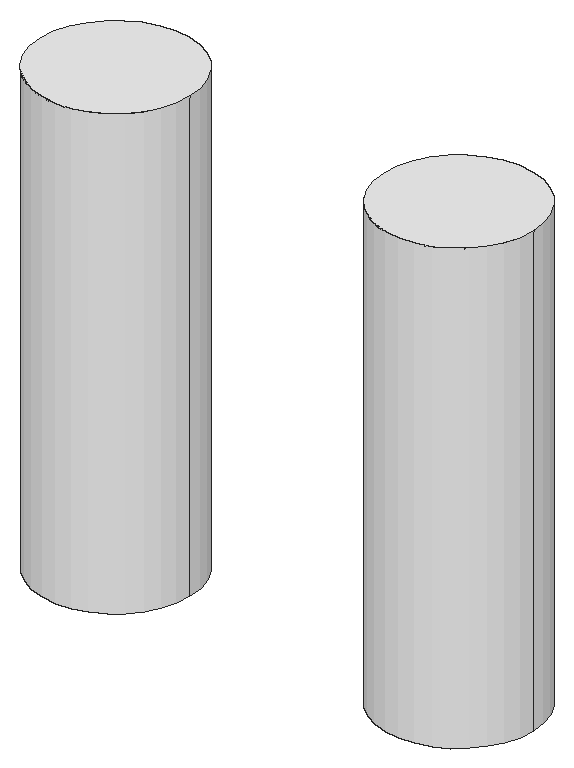
Revit family "090522830002(2022)", category Plumbing Fixtures, Revit 2020
Family settings
  Round Connector Dimension = Use Diameter
  Part Type = Normal
  OmniClass Number = 23.45.55.00
  OmniClass Title = Sanitary Faucets, Wastes
  Work Plane-Based = No
  Always vertical = Yes
  Cut with Voids When Loaded = No
  Shared = No
  Room Calculation Point = No
Parameters (values of type "090522830002 Washbasin faucet")
  Working Pressure = "50 - 1000 kPa"
  WarrantyStartDate [instance] = "n/a"
  WarrantyGuarantorParts = "n/a"
  WarrantyGuarantorLabor = "n/a"
  WarrantyDurationUnit = "Year"
  WarrantyDurationParts = "n/a"
  WarrantyDurationLabor = "n/a"
  WarrantyDescription = "http://warranty.hansa.com"
  Warranty Information URL = "http://warranty.hansa.com"
  VersionDate = "01/06/2023"
  Version = "1"
  ValvePattern = "n/a"
  ValveOperation = "n/a"
  ValveMechanism = "n/a"
  Uniclass2015Reference = "Pr_40_20_87_96"
  Uniclass2015Description = "Washbasin manual water supply sets"
  Uniclass2 = "Pr_40_30_96_96"
  URL UWL = "http://static.hansa.com/UWL/090522830002"
  URL REACH = "http://static.hansa.com/doc/reach"
  URL Materials Declaration = "http://www.hansa.com/fileadmin/resources/166364_090522830002_materialsdeclaration.pdf"
  URL KIWA = "http://static.hansa.com/Kiwa/090522830002"
  URL Environmental Product Declaration EPD = "http://www.hansa.com/fileadmin/resources/184523_EPD_Washbasin faucet.pdf"
  URL EcoLabel Declaration = "http://static.hansa.com/doc/EcoLabel"
  URL EU Packaging Declaration = "http://static.hansa.com/doc/packaging"
  URL Declaration of SCIP = "http://static.hansa.com/doc/SCIP"
  URL Declaration of Conformity = "http://static.hansa.com/DoC/090522830002"
  URL Declaration of Asbestos = "http://static.hansa.com/doc/asbestos"
  URL Declaration Of Performance (DOP) = "http://static.hansa.com/doc/DoP"
  URL DVGW = "http://static.hansa.com/DVGW/090522830002"
  URL = ""
  UNSPSC Class Number = "30181700 Faucets or taps"
  TestPressure = "n/a"
  Temperature Adjustments = "Limitation option for maximum temperature and flow-rate ;Adjustable hot water stop (included, retrofittable)"
  Technical DataSheet URL = "http://www.hansa.com/datasheet/090522830002/en"
  TagNumber [instance] = "n/a"
  SustainabilityPerformance = "n/a"
  Surface treatment = "Chrome"
  Spout Type = "Fixed spout"
  Spout Projection = "121 mm"
  Spare-Part Information URL = "http://static.hansa.com/sp/090522830002"
  Size = "50x155x145 mm"
  Shape = "Sculptured"
  SerialNumber [instance] = "n/a"
  Sales Package dimensions (LxWxH) = "380 x 180 x 74"
  Revision = "n/a"
  ReplacementCost = "n/a"
  ProductInformation = "n/a"
  Product URL = "http://static.hansa.com/090522830002"
  Product Image URL = "http://static.hansa.com/image/090522830002"
  Product Family = "HANSATWIST Eco"
  Product Code = "090522830002"
  OperatingMechanismMaterial = "n/a"
  NominalWidth = 48.471 mm
  NominalHeight = 142.775 mm
  NominalDepth = 156.697 mm
  Noise Class = "I (ISO 3822) "
  Name_en = "090522830002 Washbasin faucet"
  Name = "090522830002 Washbasin faucet"
  NBSReference = "45-35-70/371"
  NBSDescription = "Water supply fittings for wash basins and troughs"
  Mounting Holes = "1 hole"
  ModelReference = "090522830002"
  ModelNumber = "n/a"
  Model = "090522830002 Washbasin faucet"
  Mobile Product Information URL = "http://mpi.hansa.com/090522830002"
  Mechanical Parts = "ø 35 mm ceramic cartridge for flow and temperature control"
  Max. Hot Water Supply = 70 °C
  Material = "Brass"
  Market = "International;Germany;Austria;Belgium;Netherlands;Czech Republic;Slovakia;Italy"
  ManufacturerURL = "http://www.hansa.com"
  ManufacturerName = "HANSA"
  Manufacturer = "HANSA"
  Lever Handle = "Single operating lever/handle;Hot/Cold symbols"
  Keynote = ""
  Interactive AR View URL = "https://static.hansa.com/AR/090522830002"
  InstallationDate [instance] = "n/a"
  Installation and Maintenance Guide URL = "http://static.hansa.com/manual/090522830002"
  Installation Type = "Deck mounted"
  InletConnectionSize = 10 mm
  IfcExportType = "FAUCET"  # constant formula
  IfcExportAs = "IfcValveType"  # constant formula
  Group = "Washbasin faucet"
  Grade = "n/a"
  FlowCoefficient = 0
  Flow Rate At 300kPa With Flow Controller = 0.03 L/s
  Flow Drawing URL = "http://static.hansa.com/flowchart/090522830002"
  Finish = "Polished"
  Features = "Single-lever"
  FaucetMainMaterial = Brass
  FDV Document URL = "http://www.hansa.com/datasheet/090522830002/en/fdv"
  ExpectedLife = "n/a"
  Excluded Items = "Without pop-up waste;Without draw-rod opening"
  ETIM Class Number = "EC011328 Washbasin mixing tap"
  EN Standard = "EN 817"
  EAN Number = "4057304018282"
  DurationUnit = "Year"
  Dimension Drawing URL = "http://static.hansa.com/dimdrw/090522830002"
  Description = ""
  DefaultElevation [instance] = 900 mm
  Default Elevation = 0 mm
  Constituents = "n/a"
  Connection Size = "G3/8"
  Connection = "Flexible inlet pipes"
  Color = "Chrome"
  CodePerformance = "n/a"
  CloseOffRating = 0
  Catalog Drawing URL = "http://static.hansa.com/catdrw/090522830002"
  CO2 Emissions (D) = -5.34
  CO2 Emissions (C4) = 0.06
  CO2 Emissions (C3) = 0.02
  CO2 Emissions (C2) = 0.01
  CO2 Emissions (B7) = 519.12
  CO2 Emissions (A4) = 0.21
  CO2 Emissions (A1-A3) = 7.51
  Brand = "HANSA"
  BodyMaterial = "Brass"
  Barcode [instance] = "n/a"
  Backflow Prevention EN1717 = "AA"
  BIMObjectName = "090522830002(2022)"
  Author = "BIMStone"
  AssetType = "Fixed"
  AssetIdentifier [instance] = "n/a"
  Approval KIWA = "K6116/08"
  Approval DVGW = "NW-6506CQ0410"
  Aerator = "PCA® - constant flow rate regardless of pressure variations"
  Advanced Features = "Inner body made of DZR brass"
  AccessibilityPerformance = "n/a"
  3D View = "https://static.hansa.com/AR/090522830002"
  2D/3D/BIM Files URL = "http://static.hansa.com/bim/090522830002"
Reference planes
  plane 1 "Center (Front/Back)": y = 0
  plane 2: z = 0
  plane 3 "Center (Left/Right)": x = 0
  plane 4: x = -24.236
  plane 5: z = 900
  plane 6: z = 870
  plane 7: y = -156.697
  plane 8: x = 24.236
  plane 9: z = 1042.775
Forms (mm)
  Extrusion 1, solid, material "Brass" <- "FaucetMainMaterial"
    sketch origin (0, -1.121, 0) x (1, 0, 0) y (0, 1, 0)
      loop
        circle (-11.5, -22.5) r 5
      loop
        circle (11.5, -22.5) r 5
    from 870 to 900
Dimensions and locks
  "DefaultElevation": plane 5 to level
  locked: plane 5 to plane 6 at 30
  "NominalDepth": plane 7 to plane 1 "Center (Front/Back)"
  equal spacing: plane 4, plane 3 "Center (Left/Right)", plane 8
  "NominalHeight": plane 9 to plane 5
  "NominalWidth": plane 4 to plane 8
  "InletConnectionSize": diameter of Extrusion 1 sketch curve  (x2)
  aligned and locked: level to plane 2
  aligned and locked: plane 5 to Extrusion 1
  aligned and locked: Extrusion 1 to plane 6
  aligned and locked: nested 2 to plane 5
Automatic sketch dimensions
  Extrusion 1 sketch curve to plane 3 "Center (Left/Right)" = 11.5 mm
  plane 3 "Center (Left/Right)" to Extrusion 1 sketch curve = 11.5 mm
  plane 1 "Center (Front/Back)" to Extrusion 1 sketch curve = 23.621 mm
  Extrusion 1 sketch curve to Extrusion 1 sketch curve = 0 mm
Nested families
  nested 1: "Symbol" at (0, 0, 0), type "Symbol", detail levels coarse
  nested 2: "090522830002(2022)_p" at (0, 0, 900), Material <- "FaucetMainMaterial", type "090522830002(2022)_p"
    with Material Brass
Connectors
  piping at (-11.5, -23.621, 870), diameter 10, driven by "InletConnectionSize"
    settings: on Extrusion 1, index 1, connector inside diameter 609.6 mm, connector length 0 mm, flow factor 0, pipe flow 0.0 L/s, pressure drop 0.0 Pa, fitting loss kfactor 0, connector angle 0.00°, fixture units 0, engagement length 0 mm, angle of deflection 0.00°, flow configuration 1, flow direction 1, fitting loss method 0, system type 19, joint type 0, gender type 0, connector reference index -1, connector utility 0, adjustable connector no, is connector primary yes, connector description ""
  piping at (11.5, -23.621, 870), diameter 10, driven by "InletConnectionSize"
    settings: on Extrusion 1, index 2, connector inside diameter 609.6 mm, connector length 0 mm, flow factor 0, pipe flow 0.0 L/s, pressure drop 0.0 Pa, fitting loss kfactor 0, connector angle 0.00°, fixture units 0, engagement length 0 mm, angle of deflection 0.00°, flow configuration 1, flow direction 1, fitting loss method 0, system type 20, joint type 0, gender type 0, connector reference index -1, connector utility 0, adjustable connector no, is connector primary no, connector description ""
Definition of nested family "Symbol"
  Reference planes
    plane 1: y = 0
    plane 2: x = 0
  Lines and regions (mm)
    detail lines
      curve 1: line (0, 0, 0) -> (0, -1.8, 0)
      curve 2: line (-0.4, -1.1, 0) -> (0.4, -1.1, 0)
      curve 3: line (-0.4, -1.4, 0) -> (0.4, -1.4, 0)
      curve 4: line (0.863, 0, 0) -> (-0.863, 0, 0)
      curve 5: circle (-1.163, 0, 0) r 0.3 normal (0, 0, -1)
      curve 6: circle (1.163, 0, 0) r 0.3 normal (0, 0, 1)
